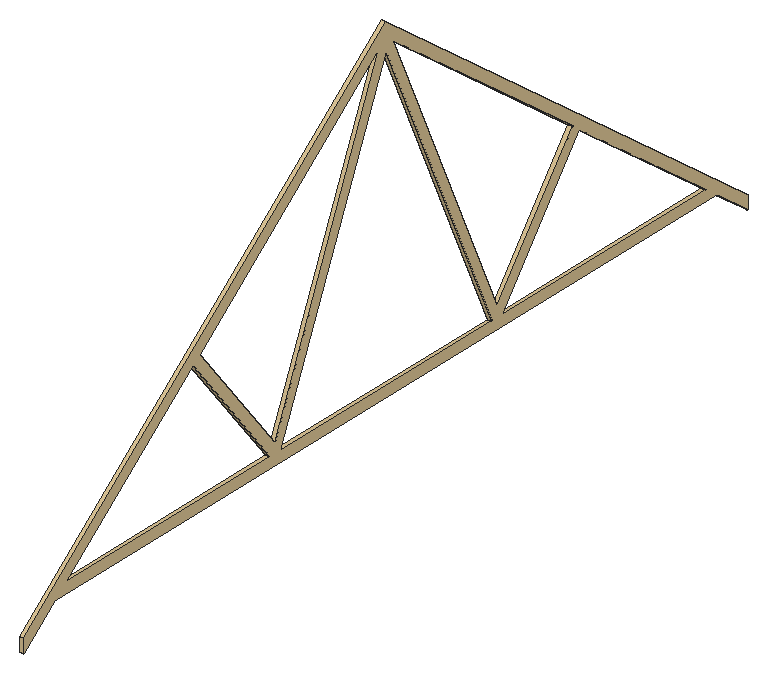
Revit family
Parameters
  Truss Thickness = 38 mm
  Top Boom Depth = 97 mm
  Span = 7500 mm
  Pitch = 38.00°
  Overhang = 350 mm
  Material Truss = Wood - Timber
  Keynote = "G20/350"
  Int Boom Depth = 97 mm
  Bttm Boom Depth = 97 mm
Reference planes
  plane 1 "End1": y = 0
  plane 2: z = 0
  plane 3 "Center (Left/Right)": x = 0
  plane 4 "End2": y = 7500
  plane 5: y = 3750
  plane 6: y = 2500
  plane 7: y = 5000
  plane 8: y = -350
  plane 9: y = 7850
Forms (mm)
  Extrusion 1, solid, material "Wood - Timber" <- "Material Truss"
    sketch origin (0, 0, 0) x (0, 1, 0) y (0, 0, 1)
      loop
        line (-350, -273.45) -> (0, 0) -> (7500, 0) -> (7850, -273.45) -> (7850, -150.355) -> (3750, 3052.916) -> (-350, -150.355) -> (-350, -273.45)
      loop
        line (124.154, 97) -> (7375.846, 97) -> (3750, 2929.821) -> (124.154, 97)
    from 19 to -19
  Extrusion 2, solid, material "Wood - Timber" <- "Material Truss"
    sketch origin (0, 0, 0) x (0, 1, 0) y (0, 0, 1)
      loop
        line (2440.388, 94.523) -> (2551.919, 94.523) -> (3750, 2809.683) -> (4946.988, 97) -> (5061.547, 97) -> (5938.757, 1219.777) -> (5862.32, 1279.496) -> (5011.664, 190.706) -> (3830.903, 2866.613) -> (3750, 2929.821) -> (3669.097, 2866.613) -> (2488.336, 190.706) -> (1637.68, 1279.496) -> (1561.243, 1219.777) -> (2440.388, 94.523)
    from 19 to -19
Cuts and joins
  joined: Extrusion 1, Extrusion 2
Lines and regions (mm)
  symbolic lines, style "InvisibleLines"
    curve 1: line (0, 0, 0) -> (0, 4334.059, 3386.138)
    curve 2: line (0, 7500, 0) -> (0, 3165.941, 3386.138)
    curve 3: line (0, 3750, 2929.821) -> (0, 2500, 97)
    curve 4: line (0, 2500, 97) -> (0, 1599.462, 1249.636)
    curve 5: line (0, 3750, 2929.821) -> (0, 5000, 97)
    curve 6: line (0, 5000, 97) -> (0, 5900.538, 1249.636)
Dimensions and locks
  "Span": plane 4 "End2" to plane 1 "End1"
  equal spacing: plane 1 "End1", plane 5, plane 4 "End2"
  equal spacing: plane 1 "End1", plane 6, plane 7, plane 4 "End2"
  "Overhang": plane 8 to plane 1 "End1"
  "Overhang": plane 9 to plane 4 "End2"
  "Top Boom Depth": Extrusion 1 sketch curve to Extrusion 1 sketch curve  (x2)
  "Bttm Boom Depth": Extrusion 1 sketch curve to Extrusion 1 sketch curve
  locked: curve 4 to Extrusion 1 at 0
  locked: plane 6 to curve 4 at 0
  locked: curve 5 to plane 7 at 0
  locked: Extrusion 1 to curve 5 at 0
  equal spacing: Extrusion 1, plane 3 "Center (Left/Right)", Extrusion 1
  "Truss Thickness": Extrusion 1 to Extrusion 1
  equal spacing: Extrusion 2 sketch curve, curve 4, Extrusion 2 sketch curve
  "Int Boom Depth": Extrusion 2 sketch curve to Extrusion 2 sketch curve  (x4)
  equal spacing: Extrusion 2 sketch curve, curve 3, Extrusion 2 sketch curve
  equal spacing: Extrusion 2 sketch curve, curve 5, Extrusion 2 sketch curve
  equal spacing: Extrusion 2 sketch curve, curve 6, Extrusion 2 sketch curve
  "Pitch": angle level to curve 1
  "Pitch": angle curve 2 to level
  locked: curve 4 to Extrusion 1 (angle 90.00°)
  locked: Extrusion 1 to curve 6 (angle 90.00°)
  aligned and locked: level to curve 1
  aligned and locked: Extrusion 1 sketch curve to curve 1
  aligned and locked: Extrusion 1 sketch curve to curve 2
  aligned and locked: Extrusion 1 sketch curve to plane 8
  aligned and locked: Extrusion 1 sketch curve to plane 9
  aligned and locked: Extrusion 1 sketch curve to level
  aligned and locked: Extrusion 1 sketch curve to Extrusion 1 sketch curve  (x2)
  aligned and locked: curve 3 to Extrusion 1  (x2)
  aligned and locked: curve 1 to curve 4
  aligned and locked: curve 2 to curve 6
  aligned and locked: Extrusion 2 sketch curve to Extrusion 1
  aligned and locked: Extrusion 1 to Extrusion 2 sketch curve  (x2)
  aligned and locked: Extrusion 1 to Extrusion 2  (x2)
  aligned and locked: Extrusion 2 sketch curve to curve 2
Automatic sketch dimensions
  curve 1 to plane 1 "End1" = 0 mm
  curve 2 to level = 0 mm
  curve 2 to plane 4 "End2" = 0 mm
  plane 6 to Extrusion 2 sketch curve = 51.919 mm
  Extrusion 2 sketch curve to Extrusion 2 sketch curve = 0 mm
  Extrusion 2 sketch curve to plane 5 = 0 mm
